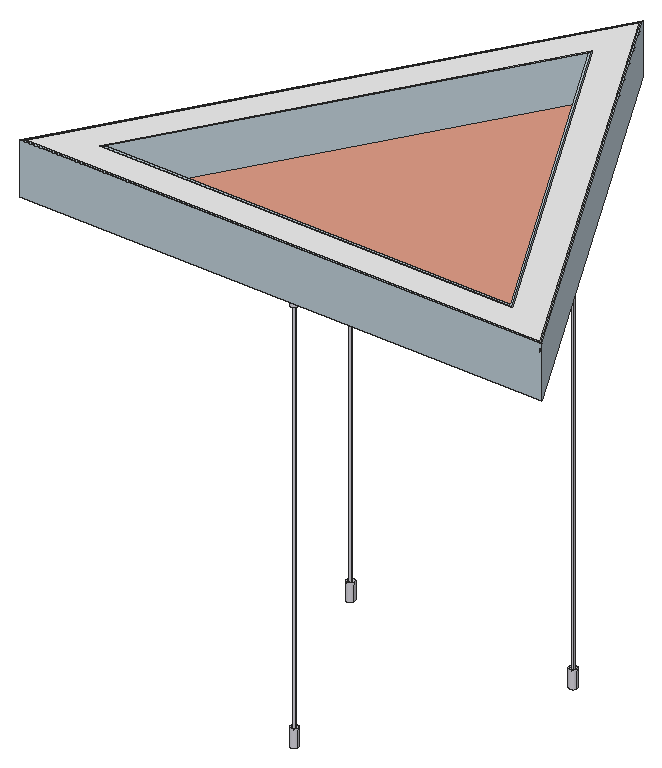
Revit family "TRIA PENDANT LIGHT", category Lighting Fixtures, host Face, Revit 2020 (continued)
Types (5): name | Wattage Comments | Wattage | WATTS | Photometric Web File | Order number | built-in parameter 1150142 | Model | built-in parameter 1150105 | Lumens | built-in parameter 1150106 | Fixture Height | 90W | 40W | 25W | 180W
  TRIA-25-40901-ACPMK-WH | "25W" | 16.8303 W | 25 W | "TRIA-25-40901.ies" | "16944" | "IESNA:LM-63-2002\r\n[TEST]2020/3/6 10:45:27\r\n[TESTLAB]\r\n[ISSUEDATE]\r\n[MANUFAC]Above all lighting\r\n[LUMCAT]\r\n[LUMINAIRE] TRIA-25-40901\r\n[LAMPCAT]\r\n[LAMP]SAMSUNG 2835\r\n[LUMINAIRE]1\r\nTILT=NONE\r\n1 2595.6 1.85 91 9 1 2 0.416 0.36 0.075\r\n1 1 24.72\r\n0. 1. 2. 3. 4. 5. 6. 7. 8. 9. 10. 11. 12. 13. 14. 15. 16. 17. 18. 19. 20. 21. 22. 23. 24. 25. 26. 27. 28. 29. 30. 31. 32. 33. 34. 35. 36. 37. 38. 39. 40. 41. 42. 43. 44. 45. 46. 47. 48. 49. 50. 51. 52. 53. 54. 55. 56. 57. 58. 59. 60. 61. 62. 63. 64. 65. 66. 67. 68. 69. 70. 71. 72. 73. 74. 75. 76. 77. 78. 79. 80. 81. 82. 83. 84. 85. 86. 87. 88. 89. 90. \r\n0. 45. 90. 135. 180. 225. 270. 315. 360. \r\n473.088 474.2759 475.0132 476.16 477.5527 478.3309 477.9622 476.2829 473.6615 471.1629 468.8282 466.6163 464.6912 462.5613 460.4314 457.1546 453.8778 450.4781 447.1603 443.7197 440.1971 436.5107 432.6195 428.5645 424.3456 419.9219 415.2935 410.665 406.1594 402.1862 398.1721 393.9533 388.096 381.1328 374.2925 367.8208 361.472 355.369 349.3888 343.1629 337.0598 330.793 324.5261 318.2183 311.6647 305.2339 298.6803 292.3725 286.2694 280.0435 272.0973 264.4787 257.1878 250.2656 242.8109 235.561 228.1882 220.8154 213.4426 205.9878 198.656 191.2832 183.9104 176.4557 169.1239 161.751 154.2963 147.1283 139.7146 132.4237 124.8051 117.1046 109.6909 102.4 94.78144 87.16288 79.62624 72.33537 64.83968 57.67168 50.50368 43.6224 37.0688 30.88384 24.90368 19.2512 14.09024 9.05216 4.25984 0 0 \r\n477.3888 476.6106 475.6276 474.8083 473.9482 473.3338 472.8013 471.6544 469.7293 467.5994 465.5514 463.4624 461.3325 459.0387 456.6631 454.1235 451.2563 448.5939 444.9895 441.385 437.5757 433.6435 429.6295 425.4106 420.864 416.1536 411.3613 406.6918 401.6537 396.6157 391.5776 386.5396 381.3376 376.0947 370.647 364.7898 358.6867 352.338 345.9891 339.6813 333.2505 326.9837 320.6349 314.4499 307.8963 300.8512 293.4374 286.0647 278.569 271.1962 263.7415 256.6964 249.3645 242.0326 234.496 227.2461 219.5866 212.1318 204.9639 198.2055 191.529 183.5827 175.2678 167.1578 159.4982 152.1254 144.5888 137.0112 129.3517 121.5283 113.9917 106.4141 98.42689 90.68544 82.82113 75.16161 67.46112 60.08832 52.6336 45.62944 38.58432 32.19456 25.96864 20.11136 14.70464 9.8304 5.61152 2.49856 0 0 0 \r\n473.2928 476.7335 478.9044 477.8803 475.3408 473.5386 472.7194 472.3917 472.105 471.8183 470.9171 469.3197 467.7222 466.6982 465.7971 463.8311 460.759 457.8918 455.5162 452.6899 448.6349 444.3341 440.1562 436.4288 432.4557 428.3597 423.936 419.3895 415.0477 411.8938 408.576 401.9814 395.4279 389.161 383.4676 377.8151 372.0806 366.3053 360.2841 354.2631 348.3648 342.4256 336.5273 330.0557 323.4202 316.9075 310.3539 303.6365 297.0419 290.2426 283.1565 275.9066 268.6157 261.5296 254.1158 246.825 239.2064 231.8336 224.297 217.088 209.5104 201.8509 194.0275 186.5318 179.1181 171.4176 163.881 156.4262 148.8896 141.1891 133.4886 125.5014 117.719 110.0595 102.1952 94.208 86.26176 78.68417 70.81984 63.24224 55.62368 48.5376 41.28768 34.73408 28.42624 22.36416 16.67072 11.22304 5.85728 1.024 0 \r\n477.7165 478.3719 476.2829 474.0301 473.088 472.2688 471.6954 470.6714 468.992 467.5174 466.4115 465.7971 464.855 462.2746 459.3664 456.9498 454.656 450.7648 446.7507 442.9824 439.5827 436.1011 432.3328 428.4826 424.3456 420.5363 416.9319 411.5661 405.7907 399.7696 394.199 388.6285 383.017 377.2006 371.5482 365.527 359.7107 353.6077 347.6276 341.5654 335.3805 329.2774 322.8877 316.5389 310.1491 303.4317 296.8371 290.2426 283.1974 276.2343 268.9024 261.8163 254.7302 247.3984 240.0666 232.7347 225.28 217.9891 210.4934 203.0387 195.6659 188.2522 180.9203 173.3427 165.888 158.4742 151.1424 143.6467 136.0691 128.4506 120.5862 113.1725 105.3082 97.60768 89.78432 82.24768 74.38336 66.88768 59.31008 52.18304 45.2608 38.37952 32.03072 25.72288 19.8656 14.70464 9.87136 6.22592 3.31776 0.98304 0 \r\n473.5796 475.7095 477.4707 478.1671 478.0851 477.0612 475.177 473.129 470.6304 468.3776 466.4525 464.5273 462.6841 460.7181 458.5472 456.1715 453.7549 451.1744 448.553 445.399 442.1223 438.5997 435.0771 431.6774 428.1959 424.1818 419.5533 414.3104 408.9856 403.9885 398.9504 394.0352 388.7104 382.6893 376.4224 370.1555 364.0525 358.0314 352.1331 346.2349 340.2547 334.1517 327.9667 321.7408 315.351 308.9613 302.5715 296.3047 289.5462 282.9517 276.1933 268.9024 261.8573 255.017 247.849 240.8038 233.513 226.345 219.136 211.8861 204.7181 197.591 190.0544 182.8864 175.5546 168.3866 161.1366 153.8867 146.7597 139.4688 132.1779 124.4774 117.1456 109.8957 102.441 94.90432 87.40865 80.07681 72.58112 65.3312 58.08128 51.24096 44.4416 37.92896 31.78496 25.76384 20.15232 14.7456 9.0112 3.72736 0 \r\n478.1671 478.1671 477.9622 477.3069 476.16 474.9312 472.7603 470.6304 468.6643 466.1248 463.6263 460.3495 456.704 453.3863 450.2323 447.1194 443.8016 440.5248 436.8384 433.0291 429.2198 425.0419 420.7821 416.2355 411.7299 406.8967 401.6947 396.6157 391.3318 385.9251 380.6413 375.1936 369.7869 363.9706 358.2362 352.1331 346.2759 340.1728 334.1927 328.1715 322.0275 316.2931 310.3949 304.5786 298.3526 291.5533 284.3034 277.3402 270.0083 262.9632 255.7542 249.0778 242.0326 234.8647 227.6147 220.3648 213.1559 206.0288 198.9837 191.8157 184.6477 177.4797 170.3936 163.3895 156.3034 149.2992 142.1312 135.127 127.7952 120.4224 113.1725 106.1683 98.79552 91.5456 84.13184 77.04576 69.79585 62.83264 55.74656 49.02912 42.47552 36.29056 30.18752 24.41216 19.0464 14.1312 9.6256 6.22592 3.52256 1.26976 0 \r\n472.2279 473.4976 475.7095 478.0851 477.8394 474.7264 471.7363 469.1968 467.2717 465.5923 463.7901 461.9469 460.1447 458.1786 455.7619 452.3622 449.0035 446.0954 444.1293 442.7776 439.7466 433.8893 428.4826 423.1578 418.4883 413.8599 409.1904 404.1933 399.1552 394.0762 388.6695 383.1808 377.8151 372.9408 367.575 360.9805 354.7955 348.7335 342.7123 336.5273 330.4243 324.3622 317.9725 311.7875 305.3159 299.008 292.5363 286.0237 279.552 272.7936 265.8304 258.8262 251.945 245.0637 237.9366 230.9325 223.5597 216.5555 209.4694 202.4243 195.1334 188.0883 180.8794 173.6704 166.5843 159.4982 152.617 145.4899 138.5267 131.4406 124.0678 116.8179 109.6499 102.6048 95.31392 88.02304 80.77312 73.76896 66.51904 59.5968 52.6336 46.08 39.5264 33.46432 27.56608 21.9136 16.67072 11.59168 6.3488 1.55648 0 \r\n474.5626 476.9792 478.2899 476.4467 472.9242 470.1389 468.0909 466.4934 464.6912 462.7661 460.7181 458.3424 455.8848 453.3044 450.8467 449.3722 448.8397 445.8496 439.7876 434.2989 429.3018 424.96 420.5363 416.0307 411.4023 406.569 401.408 396.4518 391.8234 388.0141 382.6483 375.808 369.3773 363.3971 357.5808 351.232 345.2518 339.0259 333.0048 327.1885 320.7987 314.1632 307.6096 301.056 294.6662 288.0307 281.3133 274.6368 267.5917 260.6694 253.5424 246.6202 239.4112 232.2023 224.9114 217.8253 210.5344 203.3255 196.1574 189.0304 181.6167 174.3258 167.0759 159.9898 152.9037 145.7766 138.5677 131.3587 124.1088 116.5312 109.3632 102.2362 94.8224 87.4496 80.11776 72.78592 65.61792 58.65472 51.65056 44.97408 38.46144 32.27648 26.4192 20.80768 15.60576 10.8544 6.717441 3.56352 1.10592 0 0 \r\n472.7603 473.9482 474.6445 475.7914 477.184 477.9622 477.5527 475.9962 473.4157 470.9171 468.5824 466.3296 464.3635 462.1517 460.0218 456.704 453.4272 450.1095 446.8736 443.4739 439.9104 436.265 432.3328 428.2778 424.0179 419.6762 414.9658 410.2963 405.7498 401.6537 397.5987 393.4618 388.0551 381.1328 374.2515 367.8208 361.3082 355.1232 349.266 343.081 336.896 330.5882 324.3622 317.9725 311.5827 305.0701 298.5165 292.0858 285.9418 279.9207 272.0973 264.3968 256.9831 250.0199 242.688 235.3971 228.0653 220.6106 213.3197 205.865 198.5331 191.2013 183.6647 176.2918 168.9191 161.6691 154.1734 147.0874 139.5917 132.4237 124.7232 117.0637 109.6499 102.4 94.74048 87.12193 79.4624 72.37632 64.79872 57.67168 50.54464 43.6224 37.02784 30.88384 24.86272 19.2512 14.1312 9.134081 4.25984 0 0 \r\n\r\n" | "TRIA-25-40901-ACPMK-WH" | 198.94 (stored number, unit not read) | 2500 lm | 1.9894 (stored number, unit not read) | 3' - 0" | no | no | yes | no
  TRIA-40-40901-ACPMK-WH | "40W" | 26.9284 W | 40 W | "generic" | "16945" | (empty or 0) | "TRIA-40-40901-ACPMK-WH" | 318.31 (stored number, unit not read) | 4000 lm | 3.1831 (stored number, unit not read) | 3' - 0" | no | yes | no | no
  TRIA-90-40901-ACPMK-WH | "90W" | 60.5889 W | 90 W | "generic" | "16946" | (empty or 0) | "TRIA-90-40901-ACPMK-WH" | 716.2 (stored number, unit not read) | 9000 lm | 7.162 (stored number, unit not read) | 2' - 0" | yes | no | no | no
  TRIA-180-40901-ACPMK-WH | "180W" | 121.178 W | 180 W | "generic" | "16947" | (empty or 0) | "TRIA-180-40901-ACPMK-WH" | 1432.4 (stored number, unit not read) | 18000 lm | 14.324 (stored number, unit not read) | 3' - 0" | no | no | no | yes
